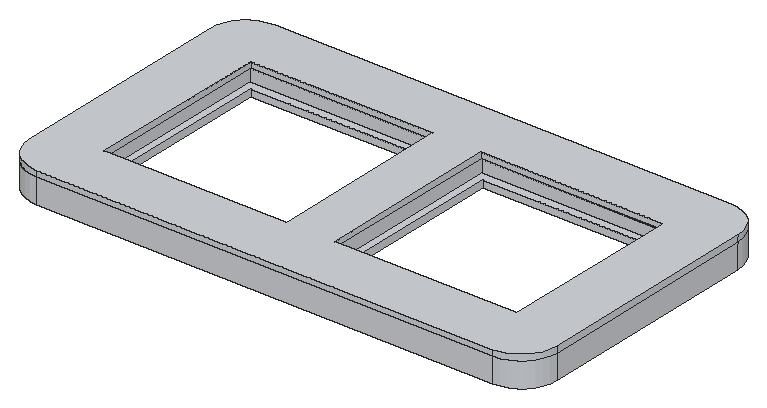
Revit family "Gira_0212413", category Electrical Fixtures, host Face, Revit 2017
Family settings
  Host = Face
  Maintain Annotation Orientation = No
  Round Connector Dimension = Use Diameter
  Part Type = Normal
  Cut with Voids When Loaded = No
  Shared = No
  Room Calculation Point = No
Parameters (values of type "Cov.fr. 2-g Gira E3 dark grey/p.white")
  URL = "http://katalog.gira.de/en/datenblatt.html?artikelnr=0212413"
  Transparent = "No"
  Name = "Cov.fr. 2-g Gira E3 dark grey/p.white"
  Manufacturer URL = "https://www.gira.de/"
  Manufacturer = "Gira"
  Keynote = ""
  HeinzeBIM = "https://bimportal.heinze.de/bim/cov-fr-2-g-gira-e3-dark-grey-p-white/13aca670d2df70120d1e1d47a9a3ca1c2d90aa23"
  HAN = "0212413"
  GTIN = "4010337024033"
  Description = "Cov.fr.2g E3 DgyPw,Gira E3 cover frame,dark grey soft touch with pure white glossy intermediate frame,2-gang,Features:,- Shatter-proof.,,Notes :,- Soft-touch surface,- NCS value: approx. NCS S 7000-N"
  Default Elevation = 1219.2 mm
  Data sheet (1) = "https://katalog.gira.de/en/download.html?artikelnr=0212413"
  Category = "Cover frame for domestic switching devices"
  BIM (1) = "https://media.stage.bim.site/public/gira/36a6b08/E3_Rahmen_2fach.rfa"
  Available = "No"
Reference planes
  plane 1 "Center (Front/Back)": y = 0
  plane 2: z = 0
  plane 3 "Center (Left/Right)": x = 0
Forms (mm)
  Extrusion 1, solid, detail levels fine
    sketch origin (0, 0, 0) x (1, 0, 0) y (0, 1, 0)
      loop
        arc (-70.35, 45.809) -> (-78.134, 42.585) -> (-81.359, 34.8) r 11.009
        line (-81.359, 34.8) -> (-81.359, -34.8)
        arc (-81.359, -34.8) -> (-78.134, -42.585) -> (-70.35, -45.809) r 11.009
        line (-70.35, -45.809) -> (70.35, -45.809)
        arc (70.35, -45.809) -> (78.135, -42.585) -> (81.359, -34.8) r 11.009
        line (81.359, -34.8) -> (81.359, 34.8)
        arc (81.359, 34.8) -> (78.135, 42.585) -> (70.35, 45.809) r 11.009
        line (70.35, 45.809) -> (-70.35, 45.809)
      loop
        line (-7.45, 28.187) -> (-63.706, 28.187) -> (-63.706, -28.187) -> (-7.45, -28.187) -> (-7.45, 28.187)
      loop
        line (7.45, 28.187) -> (7.45, -28.187) -> (63.706, -28.187) -> (63.706, 28.187) -> (7.45, 28.187)
    from 7.65 to 9.5
  Extrusion 2, solid, detail levels fine
    sketch origin (-35.75, 0, 0) x (1, 0, 0) y (0, 1, 0)
      loop
        line (25.7, 25.7) -> (-25.7, 25.7) -> (-25.7, -25.7) -> (25.7, -25.7) -> (25.7, 25.7)
      loop
        line (-28.187, -28.156) -> (28.187, -28.156) -> (28.187, 28.156) -> (-28.187, 28.156) -> (-28.187, -28.156)
    from 1.65 to 3.9
  Extrusion 3, solid, detail levels fine
    sketch origin (0, 0, 0) x (1, 0, 0) y (0, 1, 0)
      loop
        arc (-70.35, 45.809) -> (-78.134, 42.585) -> (-81.359, 34.8) r 11.009
        line (-81.359, 34.8) -> (-81.359, -34.8)
        arc (-81.359, -34.8) -> (-78.134, -42.585) -> (-70.35, -45.809) r 11.009
        line (-70.35, -45.809) -> (70.35, -45.809)
        arc (70.35, -45.809) -> (78.135, -42.585) -> (81.359, -34.8) r 11.009
        line (81.359, -34.8) -> (81.359, 34.8)
        arc (81.359, 34.8) -> (78.135, 42.585) -> (70.35, 45.809) r 11.009
        line (70.35, 45.809) -> (-70.35, 45.809)
      loop
        line (-79.393, 34.785) -> (-79.393, -34.785)
        arc (-79.393, -34.785) -> (-76.739, -41.19) -> (-70.334, -43.843) r 9.058
        line (-70.334, -43.843) -> (70.335, -43.843)
        arc (70.335, -43.843) -> (76.74, -41.19) -> (79.393, -34.785) r 9.058
        line (79.393, -34.785) -> (79.393, 34.785)
        arc (79.393, 34.785) -> (76.74, 41.19) -> (70.335, 43.843) r 9.058
        line (70.335, 43.843) -> (-70.334, 43.843)
        arc (-70.334, 43.843) -> (-76.739, 41.19) -> (-79.393, 34.785) r 9.058
    from 0 to 7.65
  Extrusion 4, solid, detail levels fine
    sketch origin (0, 0, 0) x (1, 0, 0) y (0, 1, 0)
      loop
        line (-62.956, -31.075) -> (62.956, -31.075)
        arc (62.956, -31.075) -> (65.599, -29.98) -> (66.694, -27.337) r 3.739
        line (66.694, -27.337) -> (66.694, 27.337)
        arc (66.694, 27.337) -> (65.599, 29.98) -> (62.956, 31.075) r 3.739
        line (62.956, 31.075) -> (-62.956, 31.075)
        arc (-62.956, 31.075) -> (-65.599, 29.98) -> (-66.694, 27.337) r 3.739
        line (-66.694, 27.337) -> (-66.694, -27.337)
        arc (-66.694, -27.337) -> (-65.599, -29.98) -> (-62.956, -31.075) r 3.739
      loop
        line (-65.544, 27.537) -> (-65.544, -27.537)
        arc (-65.544, -27.537) -> (-64.845, -29.226) -> (-63.156, -29.925) r 2.389
        line (-63.156, -29.925) -> (63.156, -29.925)
        arc (63.156, -29.925) -> (64.845, -29.226) -> (65.544, -27.537) r 2.389
        line (65.544, -27.537) -> (65.544, 27.537)
        arc (65.544, 27.537) -> (64.845, 29.226) -> (63.156, 29.925) r 2.389
        line (63.156, 29.925) -> (-63.156, 29.925)
        arc (-63.156, 29.925) -> (-64.845, 29.226) -> (-65.544, 27.537) r 2.389
    from 1.65 to 7.65
  Extrusion 5, solid, detail levels fine
    sketch origin (0, 0, 0) x (1, 0, 0) y (0, 1, 0)
      loop
        line (-67.617, -39.8) -> (67.617, -39.8)
        arc (67.617, -39.8) -> (73.232, -36.708) -> (75.464, -30.7) r 9.2
        line (75.464, -30.7) -> (75.464, 30.7)
        arc (75.464, 30.7) -> (72.77, 37.205) -> (66.264, 39.9) r 9.2
        line (66.264, 39.9) -> (-66.264, 39.9)
        arc (-66.264, 39.9) -> (-72.77, 37.205) -> (-75.464, 30.7) r 9.2
        line (-75.464, 30.7) -> (-75.464, -30.7)
        arc (-75.464, -30.7) -> (-73.232, -36.708) -> (-67.617, -39.8) r 9.2
      loop
        line (-66.264, -31.7) -> (66.264, -31.7)
        arc (66.264, -31.7) -> (66.972, -31.407) -> (67.264, -30.7) r 1
        line (67.264, -30.7) -> (67.264, 30.7)
        arc (67.264, 30.7) -> (66.972, 31.407) -> (66.264, 31.7) r 1
        line (66.264, 31.7) -> (-66.264, 31.7)
        arc (-66.264, 31.7) -> (-66.972, 31.407) -> (-67.264, 30.7) r 1
        line (-67.264, 30.7) -> (-67.264, -30.7)
        arc (-67.264, -30.7) -> (-66.972, -31.407) -> (-66.264, -31.7) r 1
    from 1.65 to 3.9
  Extrusion 6, solid, detail levels fine
    sketch origin (-35.75, 0, 0) x (1, 0, 0) y (0, 1, 0)
      loop
        line (-28.187, 28.156) -> (-28.187, -28.156) -> (28.187, -28.156) -> (28.187, 28.156) -> (-28.187, 28.156)
      loop
        line (-29.925, 29.925) -> (-29.925, -29.925) -> (29.925, -29.925) -> (29.925, 29.925) -> (-29.925, 29.925)
    from 1.65 to 7.65
  Extrusion 7, solid, detail levels coarse+medium
    sketch origin (0, 0, 0) x (1, 0, 0) y (0, 1, 0)
      loop
        line (-81.359, 45.809) -> (-81.359, -45.809) -> (81.359, -45.809) -> (81.359, 45.809) -> (-81.359, 45.809)
    from 0 to 9.5
  Extrusion 8, solid, detail levels fine
    sketch origin (35.75, 0, 0) x (-1, 0, 0) y (0, -1, 0)
      loop
        line (25.7, -25.7) -> (25.7, 25.7) -> (-25.7, 25.7) -> (-25.7, -25.7) -> (25.7, -25.7)
      loop
        line (-28.187, 28.156) -> (-28.187, -28.156) -> (28.187, -28.156) -> (28.187, 28.156) -> (-28.187, 28.156)
    from 1.65 to 3.9
  Extrusion 9, solid, detail levels fine
    sketch origin (35.75, 0, 0) x (-1, 0, 0) y (0, -1, 0)
      loop
        line (-28.187, -28.156) -> (28.187, -28.156) -> (28.187, 28.156) -> (-28.187, 28.156) -> (-28.187, -28.156)
      loop
        line (-29.925, -29.925) -> (29.925, -29.925) -> (29.925, 29.925) -> (-29.925, 29.925) -> (-29.925, -29.925)
    from 1.65 to 7.65
Dimensions and locks
  aligned and locked: plane 2 to host face
  aligned and locked: level to host face
